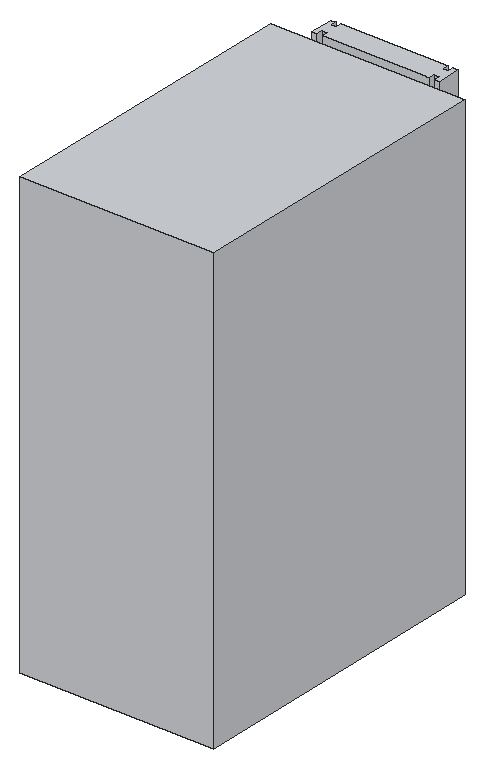
Revit family "ElevatorCart", category Vertical Circulation, Revit 2024
Family settings
  Round Connector Dimension = Use Diameter
  Part Type = Normal
  Enable Cutting in Views = Yes
  Always vertical = Yes
  Cut with Voids When Loaded = No
  Maintain Annotation Orientation = Yes
  Shared = No
  Room Calculation Point = No
Parameters (values of type "Emergency")
  is_counter_rear [instance] = yes
  Width = 6' - 4"
  WallGap = 1' - 2"
  SideGap = 0' - 7"  # constant formula
  ShowGuide = 2 < 1  # no
  ShowCounter_Side [instance] = not(is_counter_rear)  # no
  ShowCounter_Rear [instance] = is_counter_rear  # yes
  FTF [instance] = 14' - 6"
  ElevatorNote = "ED"
  Depth = 10' - 3"
  Default Elevation = 0' - 0"
  Cost = 1
Types (11): name | Width | WallGap | ElevatorNote | Depth
  Emergency | 6' - 4" | 1' - 2" | "ED" | 10' - 3"
  Patient | 7' - 6" | 0' - 8" | "PT" | 10' - 0"
  Visitor | 8' - 0" | 1' - 0" | "V" | 6' - 4"
  Service(SPD) | 6' - 0" | 0' - 7 3/4" | "SPD" | 10' - 7"
  Service(SPC) | 6' - 0" | 0' - 7 3/4" | "SPC" | 10' - 7"
  Service(KT) | 8' - 0" | 0' - 6 1/4" | "KT" | 7' - 2"
  Robot | 5' - 10" | 0' - 8" | "AGV" | 10' - 0"
  Service(ST) | 6' - 0" | 0' - 7 3/4" | "ST" | 10' - 0"
  Service (SC) | 8' - 0" | 0' - 6 1/4" | "SC" | 7' - 2"
  Service (S) | 7' - 8" | 0' - 8" | "S" | 10' - 0"
  Patient Trauma | 10' - 4" | 0' - 8" | "T" | 11' - 0"
Reference planes (in)
  plane 1 "Center (Front/Back)": y = 0
  plane 2: z = 0
  plane 3 "Center (Left/Right)": x = 0
  plane 4: y = 14
  plane 5: y = 137
  plane 6: x = -38
  plane 7: x = 38
  plane 8: y = 75.5
  plane 9: x = -45
  plane 10: x = 45
Forms (in)
  Extrusion 1, solid
    sketch origin (0, 0, 0) x (1, 0, 0) y (0, 1, 0)
      loop
        line (-38, 137) -> (-38, 14) -> (38, 14) -> (38, 137) -> (-38, 137)
    from 0 to 174 <- "FTF"
Lines and regions (in)
  symbolic lines, style "Anno"
    curve 1: line (-38, 14, 0) -> (38, 137, 0)
    curve 2: line (-38, 137, 0) -> (38, 14, 0)
  symbolic lines, visible <- "ShowGuide"
    curve 3: line (-45, 137, 0) -> (-45, 0, 0)
    curve 4: line (-45, 0, 0) -> (45, 0, 0)
    curve 5: line (45, 0, 0) -> (45, 137, 0)
Dimensions and locks (in)
  equal spacing: plane 6, plane 3 "Center (Left/Right)", plane 7
  "Depth": plane 5 to plane 4
  "Width": plane 6 to plane 7
  equal spacing: plane 5, plane 8, plane 4
  "FTF": level to level
  "WallGap": plane 1 "Center (Front/Back)" to plane 4
  "SideGap": plane 9 to plane 6
  "SideGap": plane 7 to plane 10
  aligned and locked: plane 2 to level
  aligned and locked: Extrusion 1 sketch curve to plane 5
  aligned and locked: plane 6 to Extrusion 1 sketch curve
  aligned and locked: plane 4 to Extrusion 1 sketch curve
  aligned and locked: Extrusion 1 sketch curve to plane 7
  aligned and locked: plane 3 "Center (Left/Right)" to nested 1
  aligned and locked: nested 1 to plane 8
  aligned and locked: plane 5 to curve 5
  aligned and locked: plane 5 to curve 3
  aligned and locked: curve 3 to plane 9
  aligned and locked: plane 10 to curve 5
  aligned and locked: plane 8 to nested 3
  aligned and locked: plane 3 "Center (Left/Right)" to nested 2
  aligned and locked: nested 2 to plane 5
  aligned and locked: plane 6 to nested 3
Automatic sketch dimensions
  curve 1 to plane 4 = 0' - 0"
  curve 1 to plane 6 = 0' - 0"
  curve 2 to plane 5 = 0' - 0"
  curve 2 to plane 6 = 0' - 0"
  curve 1 to plane 5 = 0' - 0"
  curve 1 to plane 7 = 0' - 0"
  curve 2 to plane 4 = 0' - 0"
  curve 2 to plane 7 = 0' - 0"
  plane 1 "Center (Front/Back)" to curve 5 = 0' - 0"
Nested families (in)
  nested 1: "ElevatorNote" at (0, 75.5, 0), Note <- "ElevatorNote", type "ElevatorNote"
    with Note "ED"
  nested 2: "CounterWeight" at (0, 137, 0), h <- "FTF", visible <- "ShowCounter_Rear", type "CounterWeight"
    with h 14' - 6"
  nested 3: "CounterWeight" at (-38, 75.5, 0) x (0, 1, 0) z (0, 0, 1), h <- "FTF", visible <- "ShowCounter_Side", type "CounterWeight"
    with h 14' - 6"
Definition of nested family "CounterWeight"
  Parameters (values of type "CounterWeight")
    x = 0' - 2"  # constant formula
    w = 3' - 6"  # constant formula
    h [instance] = 1' - 0"
    d = 0' - 9"  # constant formula
    Default Elevation = 0' - 0"
  Reference planes (in)
    plane 1 "Center (Front/Back)": y = 0
    plane 2: z = 0
    plane 3 "Center (Left/Right)": x = 0
  Forms (in)
    Extrusion 1, solid
      sketch origin (0, 0, 0) x (1, 0, 0) y (0, 1, 0)
        loop
          line (-21, 13) -> (-21, 11) -> (-23, 11) -> (-23, 13) -> (-25, 13) -> (-25, 4) -> (-23, 4) -> (-23, 6) -> (-21, 6) -> (-21, 4) -> (21, 4) -> (21, 6) -> (23, 6) -> (23, 4) -> (25, 4) -> (25, 13) -> (23, 13) -> (23, 11) -> (21, 11) -> (21, 13) -> (-21, 13)
      from 0 to 12 <- "h"
  Dimensions and locks (in)
    plane 1 "Center (Front/Back)" to Extrusion 1 sketch curve = 0' - 4"
    "d": Extrusion 1 sketch curve to Extrusion 1 sketch curve
    "w": Extrusion 1 sketch curve to Extrusion 1 sketch curve
    equal spacing: Extrusion 1 sketch curve, plane 3 "Center (Left/Right)", Extrusion 1 sketch curve
    "x": Extrusion 1 sketch curve to Extrusion 1 sketch curve to Extrusion 1 sketch curve  (x2)
    "x": Extrusion 1 sketch curve to Extrusion 1 sketch curve  (x4)
    aligned and locked: plane 2 to level
    aligned and locked: Extrusion 1 sketch curve to Extrusion 1 sketch curve  (x8)
Definition of nested family "ElevatorNote"
  Parameters (values of type "ElevatorNote")
    Note [instance] = ""
  Reference planes (in)
    plane 1: y = 0
    plane 2: x = 0
  Text (in)
    label "xxx" at (0.00145, 0.01171, 0), shows "Note"
